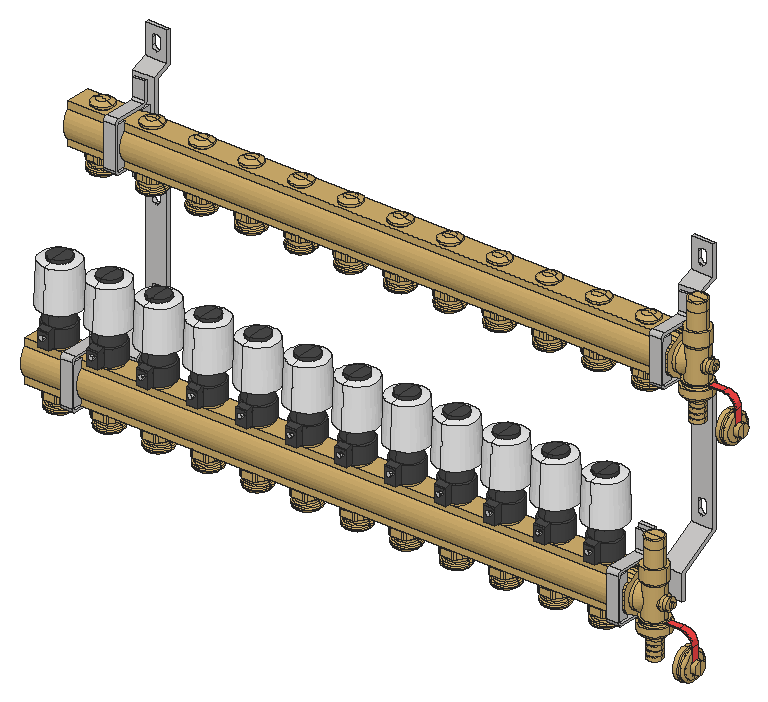
Revit family "1Manifold FHF_2-12_TWA-A_RFA", category Pipe Accessories, Revit 2019
Family settings
  Round Connector Dimension = Use Diameter
  Part Type = Normal
  OmniClass Number = 23.65.55.14.17
  OmniClass Title = Adjusting/Controlling Valves for Liquid Services
  Work Plane-Based = No
  Always vertical = Yes
  Cut with Voids When Loaded = No
  Shared = No
Parameters (values of type "Manifold FHF_12+12_088U0512")
  z [instance] = Offset Z + 1000 mm  # 1213 mm
  y [instance] = Offset Y + 500 mm  # 523 mm
  x [instance] = Offset X + 1000 mm  # 1025 mm
  Voltage = if(or(Actuator Type = [088H3106], Actuator Type = [088H3112], Actuator Type = [088H3113], Actuator Type = [088H3118], Actuator Type = [088H3119]), 230 V, 24 V)  # 230 V
  Power = 2 VA * Number of Circuits  # 24 VA
  Offset Z [instance] = 213 mm
  Offset Y [instance] = 23 mm
  W [instance] = 36 mm  # constant formula
  Valve Body Material = Danfoss Brass
  URL = "https://store.danfoss.com/en/Climate-Solutions-for-heating/Hydronic-floor-heating/Manifolds/c/4213?q=%3Arelevance%3Adanfoss_producttypehierarchydesc%3A7f65507e43627847eb51ca38d15da15d785c2e15&text="
  Pressure Drop [instance] = 0.0 Pa
  Offset X [instance] = 25 mm
  Number of Circuits = 12
  Model Type = "Manifold FHF_12+12"
  Model = "088U0512"
  Max Working Temperature = "90 °C"  # constant formula
  Max Operating Pressure = "10 bar"  # constant formula
  Max Differential Pressure = "0.6 bar"  # constant formula
  Manufacturer = "Danfoss"  # constant formula
  Manual airvent [instance] = not(Automatic airvent)  # yes
  Length = L1 - 11 mm  # 600 mm
  LOD 350 = not(LOD 200)  # yes
  LOD 200 = no
  L1 = 611 mm
  L bracket = Number of Circuits * 50 mm - 50 mm  # 550 mm
  L = Length + 70 mm  # 670 mm
  IfcExportType = "FHF"  # constant formula
  IfcExportAs = "IfcValveType"  # constant formula
  H2 = 38 mm  # constant formula
  H1 = 26.8 mm  # constant formula
  H [instance] = z - 1000 mm + H2 + H1  # 277.8 mm
  Flow 9 [instance] = 0.0 m³/h
  Flow 8 [instance] = 0.0 m³/h
  Flow 7 [instance] = 0.0 m³/h
  Flow 6 [instance] = 0.0 m³/h
  Flow 5 [instance] = 0.0 m³/h
  Flow 4 [instance] = 0.0 m³/h
  Flow 3 [instance] = 0.0 m³/h
  Flow 2 [instance] = 0.0 m³/h
  Flow 12 [instance] = 0.0 m³/h
  Flow 11 [instance] = 0.0 m³/h
  Flow 10 [instance] = 0.0 m³/h
  Flow 1 [instance] = 0.0 m³/h
  Flow [instance] = Flow 1 + Flow 2 + Flow 3 + Flow 4 + Flow 5 + Flow 6 + Flow 7 + Flow 8 + Flow 9 + Flow 10 + Flow 11 + Flow 12  # 0.0 m³/h
  End piece [instance] = if(Automatic airvent, [088U0785], [088U0786])  # _FHF-EA_EM : FHF-EM_088U0786
  Description = "Brass Manifold"  # constant formula
  D = 25 mm  # constant formula
  Automatic airvent [instance] = no
  Add bracket [instance] = yes
  Actuator Type = TWA-A_RFA : TWA-A_230V_NC_0.95m_088H3112
  088U0785 = _FHF-EA_EM : FHF-EA_088U0785
  088U0786 = _FHF-EA_EM : FHF-EM_088U0786
  088H3119 = TWA-A_RFA : TWA-A_230V_NC_10m_088H3119
  088H3118 = TWA-A_RFA : TWA-A_230V_NC_5m_088H3118
  088H3113 = TWA-A_RFA : TWA-A_230V_NO_0.95m_088H3113
  088H3112 = TWA-A_RFA : TWA-A_230V_NC_0.95m_088H3112
  088H3106 = TWA-A_RFA : TWA-A_230V_NC/S_0.95m_088H3106
Reference planes
  plane 1 "Center (Front/Back)": y = 0
  plane 2: z = 0
  plane 3 "Center (Left/Right)": x = 0
  plane 4 "tube2": through (-27.999, -48.497, 1200) normal (0.9272, -0.3746, 0)
  plane 5: x = 600
  plane 6: z = -213
  plane 7: x = -25
  plane 8: x = 611
  plane 9: x = 25
  plane 10 "bottom manifold": y = -23
  plane 11: x = 575
  plane 12: x = 586
  plane 13: x = 0
  plane 14: x = 670.5
  plane 15 "H1": z = 26.8
  plane 16: z = -251
  plane 17: x = 670
  plane 18: z = -251
  plane 19: y = -18
  plane 20: y = 18
  plane 21: z = -268
  plane 22: x = 1000
  plane 23: z = 1000
  plane 24: y = 500
  plane 25: x = 280.5
  plane 26: z = -171.8
  plane 27: x = 50
Forms (mm)
  Sweep 1, solid, material "Danfoss Brass" <- "Valve Body Material", visible <- "LOD 350", detail levels fine
    path origin (0, 0, 0) x (1, 0, 0) y (0, 0, 1)
      loop
        line (0, 0) -> (600, 0)
    profile origin (300, 0, 0) x (0, 0, 1) y (0, -1, 0)
      loop
        arc (-13.388, -12.476) -> (0, -18.3) -> (13.388, -12.476) r 18.3
        line (13.388, -12.476) -> (20.5, -12.476) -> (20.5, 12.476) -> (13.388, 12.476)
        arc (13.388, 12.476) -> (0, 18.3) -> (-13.388, 12.476) r 18.3
        line (-13.388, 12.476) -> (-20.5, 12.476) -> (-20.5, -12.476) -> (-13.388, -12.476)
  Sweep 2, solid, material "Danfoss Brass" <- "Valve Body Material", visible <- "LOD 350", detail levels fine
    path origin (-50, -23, 0) x (0, 0, 1) y (-1, 0, 0)
      loop
        line (-213, -25) -> (-213, -625)
    profile origin (275, -23, -213) x (0, 0, 1) y (0, -1, 0)
      loop
        arc (-13.388, -12.476) -> (0, -18.3) -> (13.388, -12.476) r 18.3
        line (13.388, -12.476) -> (20.5, -12.476) -> (20.5, 12.476) -> (13.388, 12.476)
        arc (13.388, 12.476) -> (0, 18.3) -> (-13.388, 12.476) r 18.3
        line (-13.388, 12.476) -> (-20.5, 12.476) -> (-20.5, -12.476) -> (-13.388, -12.476)
  Sweep 3, solid, material "Danfoss Brass" <- "Valve Body Material", visible <- "LOD 200", detail levels fine
    path origin (0, 0, 0) x (1, 0, 0) y (0, 0, 1)
      loop
        line (0, 0) -> (600, 0)
    profile origin (300, 0, 0) x (0, 0, 1) y (0, -1, 0)
      loop
        line (-20.5, -18.3) -> (20.5, -18.3) -> (20.5, 18.3) -> (-20.5, 18.3) -> (-20.5, -18.3)
  Sweep 4, solid, material "Danfoss Brass" <- "Valve Body Material", visible <- "LOD 200", detail levels fine
    path origin (-50, -23, 0) x (0, 0, 1) y (-1, 0, 0)
      loop
        line (-213, -25) -> (-213, -625)
    profile origin (275, -23, -213) x (0, 0, 1) y (0, -1, 0)
      loop
        line (-20.5, -18.3) -> (20.5, -18.3) -> (20.5, 18.3) -> (-20.5, 18.3) -> (-20.5, -18.3)
  Extrusion 5, solid, not visible
    sketch origin (0, 0, 0) x (0, 0, 1) y (-1, 0, 0)
      loop
        line (-202.647, -295.5) -> (-202.647, -265.5) -> (-222.647, -265.5) -> (-222.647, -295.5) -> (-202.647, -295.5)
    from 13 to 33
Dimensions and locks
  "L1": plane 8 to plane 3 "Center (Left/Right)"
  locked: plane 8 to plane 5 at 11
  locked: plane 9 to plane 3 "Center (Left/Right)" at 25
  equal spacing: group 1, group 2, group 5, group 7, group 8, group 11, group 12, group 13, group 14, group 15, group 16, group 23  (x3)
  locked: plane 12 to plane 11 at 11
  "L1": plane 12 to plane 7
  locked: plane 13 to plane 7 at 25
  locked: plane 14 to plane 5 at 70.5
  "H1": plane 15 "H1" to level
  "H2": plane 6 to plane 16
  "L": plane 17 to plane 3 "Center (Left/Right)"
  equal spacing: plane 19, plane 1 "Center (Front/Back)", plane 20
  "W": plane 19 to plane 20
  equal spacing: group 3, group 4, group 6, group 9, group 10, group 17, group 18, group 19, group 20, group 21, group 22, group 24  (x3)
  locked: nested 6 to nested 3 at 50
  locked: plane 5 to nested 5 at 10
  locked: plane 11 to nested 4 at 10
  "x": plane 22 to plane 7
  "z": plane 23 to plane 6
  "y": plane 10 "bottom manifold" to plane 24
  equal spacing: plane 12, plane 25, plane 7
  Extrusion 5 sketch curve to plane 25 to Extrusion 5 sketch curve = 15 mm locked, 15 mm locked
  Extrusion 5 sketch curve to plane 6 to Extrusion 5 sketch curve = 10.353 mm locked, 9.647 mm locked
  locked: Extrusion 5 to plane 10 "bottom manifold" at 10
  locked: plane 10 "bottom manifold" to Extrusion 5 at 10
  locked: plane 26 to plane 6 at 41.2
  equal spacing: group 25, group 26, group 27, group 28, group 29, group 30, group 31, group 32, group 33, group 34, group 35, group 36
  equal spacing: group 36, group 35, group 34, group 33, group 32, group 31, group 30, group 29, group 28, group 27, group 26, group 25  (x2)
  locked: plane 27 to plane 13 at 50
  aligned and locked: level to plane 2
  aligned and locked: plane 9 to nested 1
  aligned and locked: level to nested 1
  aligned and locked: plane 5 to Sweep 1 sketch curve
  aligned and locked: Sweep 1 sketch curve to level
  aligned and locked: plane 3 "Center (Left/Right)" to Sweep 1 sketch curve
  aligned and locked: level to nested 2
  aligned and locked: plane 10 "bottom manifold" to nested 3
  aligned and locked: plane 10 "bottom manifold" to nested 4
  aligned and locked: plane 1 "Center (Front/Back)" to nested 5
  aligned and locked: plane 6 to nested 4
  aligned and locked: level to nested 5
  aligned and locked: plane 6 to nested 3
  aligned and locked: plane 13 to nested 3
  aligned and locked: plane 6 to nested 6
  aligned and locked: plane 10 "bottom manifold" to nested 6
  aligned and locked: nested 29 to plane 26
  aligned and locked: nested 29 to plane 10 "bottom manifold"
  aligned and locked: plane 13 to nested 29
  aligned and locked: plane 27 to nested 30
  aligned and locked: nested 30 to plane 10 "bottom manifold"
  aligned and locked: nested 30 to plane 26
Automatic sketch dimensions
  Sweep 1 sketch curve to Sweep 1 sketch curve = 0 mm  (x2)
  Sweep 1 sketch curve to profile plane = 0 mm
  profile plane to Sweep 1 sketch curve = 13.388 mm  (x2)
  Sweep 1 sketch curve to Sweep 1 sketch curve = 7.112 mm  (x2)
  Sweep 1 sketch curve to profile plane = 13.388 mm  (x2)
  Sweep 1 sketch curve to profile plane = 12.476 mm
  Sweep 1 sketch curve to Sweep 1 sketch curve = 12.476 mm  (x2)
  Sweep 2 sketch curve to plane 6 = 0 mm
  Sweep 2 sketch curve to plane 11 = 0 mm
  Sweep 2 sketch curve to plane 7 = 0 mm
  Sweep 2 sketch curve to Sweep 2 sketch curve = 0 mm  (x2)
  plane 10 "bottom manifold" to Sweep 2 sketch curve = 12.476 mm
  profile plane to Sweep 2 sketch curve = 20.5 mm
  Sweep 2 sketch curve to Sweep 2 sketch curve = 7.112 mm  (x3)
  Sweep 2 sketch curve to Sweep 2 sketch curve = 13.388 mm  (x3)
  Sweep 2 sketch curve to Sweep 2 sketch curve = 12.476 mm  (x2)
  Sweep 3 sketch curve to level = 0 mm
  Sweep 3 sketch curve to plane 3 "Center (Left/Right)" = 0 mm
  Sweep 3 sketch curve to plane 5 = 0 mm
  profile plane to Sweep 3 sketch curve = 20.5 mm
  Sweep 3 sketch curve to profile plane = 20.5 mm
  Sweep 3 sketch curve to plane 1 "Center (Front/Back)" = 18.3 mm
  plane 1 "Center (Front/Back)" to Sweep 3 sketch curve = 18.3 mm
  Sweep 4 sketch curve to plane 6 = 0 mm
  Sweep 4 sketch curve to plane 11 = 0 mm
  Sweep 4 sketch curve to plane 7 = 0 mm
  profile plane to Sweep 4 sketch curve = 20.5 mm
  Sweep 4 sketch curve to profile plane = 20.5 mm
  Sweep 4 sketch curve to plane 10 "bottom manifold" = 18.3 mm
  plane 10 "bottom manifold" to Sweep 4 sketch curve = 18.3 mm
Nested families
  nested 1: "Shut-off valve_RFA" at (25, 0, 0), LOD 200 <- "LOD 200", type "Shut-off valve", detail levels fine
    with LOD 350 yes, LOD 200 no
  nested 2: "Shut-off valve_RFA" at (75, 0, 0), LOD 200 <- "LOD 200", type "Shut-off valve", detail levels fine
    with LOD 350 yes, LOD 200 no
  nested 3: "Thermostatic valve_RFA" at (0, -23, -213), LOD 200 <- "LOD 200", type "Thermostatic valve", detail levels fine
    with LOD 350 yes, LOD 200 no
  nested 4: "_FHF-EA_EM" at (565, -23, -213), type <- "End piece", LOD 200 <- "LOD 200", type "FHF-EM_088U0786", detail levels fine
    with LOD 350 yes, LOD 200 no, FHF-EM350 yes, FHF-EM200 no, FHF-EA350 no, FHF-EA200 no
  nested 5: "_FHF-EA_EM" at (590, 0, 0), type <- "End piece", LOD 200 <- "LOD 200", type "FHF-EM_088U0786", detail levels fine
    with LOD 350 yes, LOD 200 no, FHF-EM350 yes, FHF-EM200 no, FHF-EA350 no, FHF-EA200 no
  nested 6: "Thermostatic valve_RFA" at (50, -23, -213), LOD 200 <- "LOD 200", type "Thermostatic valve", detail levels fine
    with LOD 350 yes, LOD 200 no
  nested 7: "Shut-off valve_RFA" at (125, 0, 0), LOD 200 <- "LOD 200", type "Shut-off valve", detail levels fine
    with LOD 350 yes, LOD 200 no
  nested 8: "Thermostatic valve_RFA" at (100, -23, -213), LOD 200 <- "LOD 200", type "Thermostatic valve", detail levels fine
    with LOD 350 yes, LOD 200 no
  nested 9: "Shut-off valve_RFA" at (175, 0, 0), LOD 200 <- "LOD 200", type "Shut-off valve", detail levels fine
    with LOD 350 yes, LOD 200 no
  nested 10: "Shut-off valve_RFA" at (225, 0, 0), LOD 200 <- "LOD 200", type "Shut-off valve", detail levels fine
    with LOD 350 yes, LOD 200 no
  nested 11: "Thermostatic valve_RFA" at (150, -23, -213), LOD 200 <- "LOD 200", type "Thermostatic valve", detail levels fine
    with LOD 350 yes, LOD 200 no
  nested 12: "Thermostatic valve_RFA" at (200, -23, -213), LOD 200 <- "LOD 200", type "Thermostatic valve", detail levels fine
    with LOD 350 yes, LOD 200 no
  nested 13: "Shut-off valve_RFA" at (275, 0, 0), LOD 200 <- "LOD 200", type "Shut-off valve", detail levels fine
    with LOD 350 yes, LOD 200 no
  nested 14: "Shut-off valve_RFA" at (325, 0, 0), LOD 200 <- "LOD 200", type "Shut-off valve", detail levels fine
    with LOD 350 yes, LOD 200 no
  nested 15: "Shut-off valve_RFA" at (375, 0, 0), LOD 200 <- "LOD 200", type "Shut-off valve", detail levels fine
    with LOD 350 yes, LOD 200 no
  nested 16: "Shut-off valve_RFA" at (425, 0, 0), LOD 200 <- "LOD 200", type "Shut-off valve", detail levels fine
    with LOD 350 yes, LOD 200 no
  nested 17: "Shut-off valve_RFA" at (475, 0, 0), LOD 200 <- "LOD 200", type "Shut-off valve", detail levels fine
    with LOD 350 yes, LOD 200 no
  nested 18: "Shut-off valve_RFA" at (525, 0, 0), LOD 200 <- "LOD 200", type "Shut-off valve", detail levels fine
    with LOD 350 yes, LOD 200 no
  nested 19: "Thermostatic valve_RFA" at (250, -23, -213), LOD 200 <- "LOD 200", type "Thermostatic valve", detail levels fine
    with LOD 350 yes, LOD 200 no
  nested 20: "Thermostatic valve_RFA" at (300, -23, -213), LOD 200 <- "LOD 200", type "Thermostatic valve", detail levels fine
    with LOD 350 yes, LOD 200 no
  nested 21: "Thermostatic valve_RFA" at (350, -23, -213), LOD 200 <- "LOD 200", type "Thermostatic valve", detail levels fine
    with LOD 350 yes, LOD 200 no
  nested 22: "Thermostatic valve_RFA" at (400, -23, -213), LOD 200 <- "LOD 200", type "Thermostatic valve", detail levels fine
    with LOD 350 yes, LOD 200 no
  nested 23: "Thermostatic valve_RFA" at (450, -23, -213), LOD 200 <- "LOD 200", type "Thermostatic valve", detail levels fine
    with LOD 350 yes, LOD 200 no
  nested 24: "Thermostatic valve_RFA" at (500, -23, -213), LOD 200 <- "LOD 200", type "Thermostatic valve", detail levels fine
    with LOD 350 yes, LOD 200 no
  nested 25: "_FHF-MB_RFA" at (41.303, 0, 0), LOD 200 <- "LOD 200", visible <- "Add bracket", L <- "L bracket", type "FHF-MB_088U0585", detail levels fine
    with LOD 350 yes, LOD 200 no, L 550 mm
  nested 26: "Shut-off valve_RFA" at (575, 0, 0), LOD 200 <- "LOD 200", type "Shut-off valve", detail levels fine
    with LOD 350 yes, LOD 200 no
  nested 27: "Thermostatic valve_RFA" at (550, -23, -213), LOD 200 <- "LOD 200", type "Thermostatic valve", detail levels fine
    with LOD 350 yes, LOD 200 no
  nested 28: "FHF+Actuator Symbol" at (0, 0, 0), Number of Circuits <- "Number of Circuits", Offset X <- "Offset X", Offset Y <- "Offset Y", Offset Z <- "Offset Z", length <- "Length", type "FHF+Actuator Symbol", detail levels coarse+medium
    with z 1213 mm, y 523 mm, x 1025 mm, length 600 mm, Offset Z 213 mm, Offset Y 23 mm, Offset X 25 mm, Number of Circuits 12, L 650 mm
  nested 29: "TWA-A_RFA" at (0, -23, -189.2) x (0, 1, 0) z (0, 0, 1), LOD 200 <- "LOD 200", Voltage <- "Voltage", type <- "Actuator Type", type "TWA-A_230V_NC_0.95m_088H3112", detail levels fine
    with Voltage 230 V, Power 2 VA, LOD 350 yes, LOD 200 no
  nested 30: "TWA-A_RFA" at (50, -23, -189.2) x (0, 1, 0) z (0, 0, 1), LOD 200 <- "LOD 200", Voltage <- "Voltage", type <- "Actuator Type", type "TWA-A_230V_NC_0.95m_088H3112", detail levels fine
    with Voltage 230 V, Power 2 VA, LOD 350 yes, LOD 200 no
  nested 31: "TWA-A_RFA" at (100, -23, -189.2) x (0, 1, 0) z (0, 0, 1), LOD 200 <- "LOD 200", Voltage <- "Voltage", type <- "Actuator Type", type "TWA-A_230V_NC_0.95m_088H3112", detail levels fine
    with Voltage 230 V, Power 2 VA, LOD 350 yes, LOD 200 no
  nested 32: "TWA-A_RFA" at (150, -23, -189.2) x (0, 1, 0) z (0, 0, 1), LOD 200 <- "LOD 200", Voltage <- "Voltage", type <- "Actuator Type", type "TWA-A_230V_NC_0.95m_088H3112", detail levels fine
    with Voltage 230 V, Power 2 VA, LOD 350 yes, LOD 200 no
  nested 33: "TWA-A_RFA" at (200, -23, -189.2) x (0, 1, 0) z (0, 0, 1), LOD 200 <- "LOD 200", Voltage <- "Voltage", type <- "Actuator Type", type "TWA-A_230V_NC_0.95m_088H3112", detail levels fine
    with Voltage 230 V, Power 2 VA, LOD 350 yes, LOD 200 no
  nested 34: "TWA-A_RFA" at (250, -23, -189.2) x (0, 1, 0) z (0, 0, 1), LOD 200 <- "LOD 200", Voltage <- "Voltage", type <- "Actuator Type", type "TWA-A_230V_NC_0.95m_088H3112", detail levels fine
    with Voltage 230 V, Power 2 VA, LOD 350 yes, LOD 200 no
  nested 35: "TWA-A_RFA" at (300, -23, -189.2) x (0, 1, 0) z (0, 0, 1), LOD 200 <- "LOD 200", Voltage <- "Voltage", type <- "Actuator Type", type "TWA-A_230V_NC_0.95m_088H3112", detail levels fine
    with Voltage 230 V, Power 2 VA, LOD 350 yes, LOD 200 no
  nested 36: "TWA-A_RFA" at (350, -23, -189.2) x (0, 1, 0) z (0, 0, 1), LOD 200 <- "LOD 200", Voltage <- "Voltage", type <- "Actuator Type", type "TWA-A_230V_NC_0.95m_088H3112", detail levels fine
    with Voltage 230 V, Power 2 VA, LOD 350 yes, LOD 200 no
  nested 37: "TWA-A_RFA" at (400, -23, -189.2) x (0, 1, 0) z (0, 0, 1), LOD 200 <- "LOD 200", Voltage <- "Voltage", type <- "Actuator Type", type "TWA-A_230V_NC_0.95m_088H3112", detail levels fine
    with Voltage 230 V, Power 2 VA, LOD 350 yes, LOD 200 no
  nested 38: "TWA-A_RFA" at (450, -23, -189.2) x (0, 1, 0) z (0, 0, 1), LOD 200 <- "LOD 200", Voltage <- "Voltage", type <- "Actuator Type", type "TWA-A_230V_NC_0.95m_088H3112", detail levels fine
    with Voltage 230 V, Power 2 VA, LOD 350 yes, LOD 200 no
  nested 39: "TWA-A_RFA" at (500, -23, -189.2) x (0, 1, 0) z (0, 0, 1), LOD 200 <- "LOD 200", Voltage <- "Voltage", type <- "Actuator Type", type "TWA-A_230V_NC_0.95m_088H3112", detail levels fine
    with Voltage 230 V, Power 2 VA, LOD 350 yes, LOD 200 no
  nested 40: "TWA-A_RFA" at (550, -23, -189.2) x (0, 1, 0) z (0, 0, 1), LOD 200 <- "LOD 200", Voltage <- "Voltage", type <- "Actuator Type", type "TWA-A_230V_NC_0.95m_088H3112", detail levels fine
    with Voltage 230 V, Power 2 VA, LOD 350 yes, LOD 200 no
Connectors
  piping at (0, 0, 0), diameter 25, driven by "D", driven by "Flow"
    settings: on Sweep 1, index 35, connector inside diameter 609.6 mm, connector length 0 mm, flow factor 0, pipe flow 0.0 m³/h, pressure drop 0.0 Pa, fitting loss kfactor 0, connector angle 0.00°, fixture units 0, engagement length 0 mm, angle of deflection 0.00°, flow configuration 1, flow direction 1, fitting loss method 0, system type 7, joint type 0, gender type 0, connector reference index -1, connector utility 0, adjustable connector no, is connector primary yes, connector description "SupplyMain"
  piping at (-25, -23, -213), diameter 25, driven by "D", driven by "Flow"
    settings: on Sweep 2, index 59, connector inside diameter 609.6 mm, connector length 0 mm, flow factor 0, pipe flow 0.0 m³/h, pressure drop 0.0 Pa, fitting loss kfactor 0, connector angle 0.00°, fixture units 0, engagement length 0 mm, angle of deflection 0.00°, flow configuration 1, flow direction 2, fitting loss method 0, system type 8, joint type 0, gender type 0, connector reference index -1, connector utility 0, adjustable connector no, is connector primary no, connector description "ReturnMain"
  piping at (25, 0, -38), diameter 20, driven by "Flow 1"
    settings: on nested 1, index 60, connector inside diameter 609.6 mm, connector length 0 mm, flow factor 0, pipe flow 0.0 m³/h, pressure drop 0.0 Pa, fitting loss kfactor 0, connector angle 0.00°, fixture units 0, engagement length 0 mm, angle of deflection 0.00°, flow configuration 0, flow direction 2, fitting loss method 0, system type 7, joint type 0, gender type 0, connector reference index -1, connector utility 0, adjustable connector no, is connector primary no, connector description "Supply1"
  piping at (75, 0, -38), diameter 20, driven by "Flow 2"
    settings: on nested 2, index 61, connector inside diameter 609.6 mm, connector length 0 mm, flow factor 0, pipe flow 0.0 m³/h, pressure drop 0.0 Pa, fitting loss kfactor 0, connector angle 0.00°, fixture units 0, engagement length 0 mm, angle of deflection 0.00°, flow configuration 0, flow direction 2, fitting loss method 0, system type 7, joint type 0, gender type 0, connector reference index -1, connector utility 0, adjustable connector no, is connector primary no, connector description "Supply2"
  piping at (125, 0, -38), diameter 20, driven by "Flow 3"
    settings: on nested 7, index 62, connector inside diameter 609.6 mm, connector length 0 mm, flow factor 0, pipe flow 0.0 m³/h, pressure drop 0.0 Pa, fitting loss kfactor 0, connector angle 0.00°, fixture units 0, engagement length 0 mm, angle of deflection 0.00°, flow configuration 0, flow direction 2, fitting loss method 0, system type 7, joint type 0, gender type 0, connector reference index -1, connector utility 0, adjustable connector no, is connector primary no, connector description "Supply3"
  piping at (175, 0, -38), diameter 20, driven by "Flow 4"
    settings: on nested 9, index 63, connector inside diameter 609.6 mm, connector length 0 mm, flow factor 0, pipe flow 0.0 m³/h, pressure drop 0.0 Pa, fitting loss kfactor 0, connector angle 0.00°, fixture units 0, engagement length 0 mm, angle of deflection 0.00°, flow configuration 0, flow direction 2, fitting loss method 0, system type 7, joint type 0, gender type 0, connector reference index -1, connector utility 0, adjustable connector no, is connector primary no, connector description "Supply4"
  piping at (225, 0, -38), diameter 20, driven by "Flow 5"
    settings: on nested 10, index 64, connector inside diameter 609.6 mm, connector length 0 mm, flow factor 0, pipe flow 0.0 m³/h, pressure drop 0.0 Pa, fitting loss kfactor 0, connector angle 0.00°, fixture units 0, engagement length 0 mm, angle of deflection 0.00°, flow configuration 0, flow direction 2, fitting loss method 0, system type 7, joint type 0, gender type 0, connector reference index -1, connector utility 0, adjustable connector no, is connector primary no, connector description "Supply5"
  piping at (275, 0, -38), diameter 20, driven by "Flow 6"
    settings: on nested 13, index 65, connector inside diameter 609.6 mm, connector length 0 mm, flow factor 0, pipe flow 0.0 m³/h, pressure drop 0.0 Pa, fitting loss kfactor 0, connector angle 0.00°, fixture units 0, engagement length 0 mm, angle of deflection 0.00°, flow configuration 0, flow direction 2, fitting loss method 0, system type 7, joint type 0, gender type 0, connector reference index -1, connector utility 0, adjustable connector no, is connector primary no, connector description "Supply6"
  piping at (325, 0, -38), diameter 20, driven by "Flow 7"
    settings: on nested 14, index 66, connector inside diameter 609.6 mm, connector length 0 mm, flow factor 0, pipe flow 0.0 m³/h, pressure drop 0.0 Pa, fitting loss kfactor 0, connector angle 0.00°, fixture units 0, engagement length 0 mm, angle of deflection 0.00°, flow configuration 0, flow direction 2, fitting loss method 0, system type 7, joint type 0, gender type 0, connector reference index -1, connector utility 0, adjustable connector no, is connector primary no, connector description "Supply7"
  piping at (375, 0, -38), diameter 20, driven by "Flow 8"
    settings: on nested 15, index 67, connector inside diameter 609.6 mm, connector length 0 mm, flow factor 0, pipe flow 0.0 m³/h, pressure drop 0.0 Pa, fitting loss kfactor 0, connector angle 0.00°, fixture units 0, engagement length 0 mm, angle of deflection 0.00°, flow configuration 0, flow direction 2, fitting loss method 0, system type 7, joint type 0, gender type 0, connector reference index -1, connector utility 0, adjustable connector no, is connector primary no, connector description "Supply8"
  piping at (425, 0, -38), diameter 20, driven by "Flow 9"
    settings: on nested 16, index 69, connector inside diameter 609.6 mm, connector length 0 mm, flow factor 0, pipe flow 0.0 m³/h, pressure drop 0.0 Pa, fitting loss kfactor 0, connector angle 0.00°, fixture units 0, engagement length 0 mm, angle of deflection 0.00°, flow configuration 0, flow direction 2, fitting loss method 0, system type 7, joint type 0, gender type 0, connector reference index -1, connector utility 0, adjustable connector no, is connector primary no, connector description "Supply9"
  piping at (475, 0, -38), diameter 20, driven by "Flow 10"
    settings: on nested 17, index 70, connector inside diameter 609.6 mm, connector length 0 mm, flow factor 0, pipe flow 0.0 m³/h, pressure drop 0.0 Pa, fitting loss kfactor 0, connector angle 0.00°, fixture units 0, engagement length 0 mm, angle of deflection 0.00°, flow configuration 0, flow direction 2, fitting loss method 0, system type 7, joint type 0, gender type 0, connector reference index -1, connector utility 0, adjustable connector no, is connector primary no, connector description "Supply10"
  piping at (525, 0, -38), diameter 20, driven by "Flow 11"
    settings: on nested 18, index 71, connector inside diameter 609.6 mm, connector length 0 mm, flow factor 0, pipe flow 0.0 m³/h, pressure drop 0.0 Pa, fitting loss kfactor 0, connector angle 0.00°, fixture units 0, engagement length 0 mm, angle of deflection 0.00°, flow configuration 0, flow direction 2, fitting loss method 0, system type 7, joint type 0, gender type 0, connector reference index -1, connector utility 0, adjustable connector no, is connector primary no, connector description "Supply11"
  piping at (0, -23, -251.5), diameter 20, driven by "Flow 1"
    settings: on nested 3, index 73, connector inside diameter 609.6 mm, connector length 0 mm, flow factor 0, pipe flow 0.0 m³/h, pressure drop 0.0 Pa, fitting loss kfactor 0, connector angle 0.00°, fixture units 0, engagement length 0 mm, angle of deflection 0.00°, flow configuration 0, flow direction 1, fitting loss method 0, system type 8, joint type 0, gender type 0, connector reference index -1, connector utility 0, adjustable connector no, is connector primary no, connector description "Return1"
  piping at (50, -23, -251.5), diameter 20, driven by "Flow 2"
    settings: on nested 6, index 74, connector inside diameter 609.6 mm, connector length 0 mm, flow factor 0, pipe flow 0.0 m³/h, pressure drop 0.0 Pa, fitting loss kfactor 0, connector angle 0.00°, fixture units 0, engagement length 0 mm, angle of deflection 0.00°, flow configuration 0, flow direction 1, fitting loss method 0, system type 8, joint type 0, gender type 0, connector reference index -1, connector utility 0, adjustable connector no, is connector primary no, connector description "Return2"
  piping at (100, -23, -251.5), diameter 20, driven by "Flow 3"
    settings: on nested 8, index 75, connector inside diameter 609.6 mm, connector length 0 mm, flow factor 0, pipe flow 0.0 m³/h, pressure drop 0.0 Pa, fitting loss kfactor 0, connector angle 0.00°, fixture units 0, engagement length 0 mm, angle of deflection 0.00°, flow configuration 0, flow direction 1, fitting loss method 0, system type 8, joint type 0, gender type 0, connector reference index -1, connector utility 0, adjustable connector no, is connector primary no, connector description "Return3"
  piping at (150, -23, -251.5), diameter 20, driven by "Flow 4"
    settings: on nested 11, index 76, connector inside diameter 609.6 mm, connector length 0 mm, flow factor 0, pipe flow 0.0 m³/h, pressure drop 0.0 Pa, fitting loss kfactor 0, connector angle 0.00°, fixture units 0, engagement length 0 mm, angle of deflection 0.00°, flow configuration 0, flow direction 1, fitting loss method 0, system type 8, joint type 0, gender type 0, connector reference index -1, connector utility 0, adjustable connector no, is connector primary no, connector description "Return4"
  piping at (200, -23, -251.5), diameter 20, driven by "Flow 5"
    settings: on nested 12, index 77, connector inside diameter 609.6 mm, connector length 0 mm, flow factor 0, pipe flow 0.0 m³/h, pressure drop 0.0 Pa, fitting loss kfactor 0, connector angle 0.00°, fixture units 0, engagement length 0 mm, angle of deflection 0.00°, flow configuration 0, flow direction 1, fitting loss method 0, system type 8, joint type 0, gender type 0, connector reference index -1, connector utility 0, adjustable connector no, is connector primary no, connector description "Return5"
  piping at (250, -23, -251.5), diameter 20, driven by "Flow 6"
    settings: on nested 19, index 78, connector inside diameter 609.6 mm, connector length 0 mm, flow factor 0, pipe flow 0.0 m³/h, pressure drop 0.0 Pa, fitting loss kfactor 0, connector angle 0.00°, fixture units 0, engagement length 0 mm, angle of deflection 0.00°, flow configuration 0, flow direction 1, fitting loss method 0, system type 8, joint type 0, gender type 0, connector reference index -1, connector utility 0, adjustable connector no, is connector primary no, connector description "Return6"
  piping at (300, -23, -251.5), diameter 20, driven by "Flow 7"
    settings: on nested 20, index 79, connector inside diameter 609.6 mm, connector length 0 mm, flow factor 0, pipe flow 0.0 m³/h, pressure drop 0.0 Pa, fitting loss kfactor 0, connector angle 0.00°, fixture units 0, engagement length 0 mm, angle of deflection 0.00°, flow configuration 0, flow direction 1, fitting loss method 0, system type 8, joint type 0, gender type 0, connector reference index -1, connector utility 0, adjustable connector no, is connector primary no, connector description "Return7"
  piping at (350, -23, -251.5), diameter 20, driven by "Flow 8"
    settings: on nested 21, index 80, connector inside diameter 609.6 mm, connector length 0 mm, flow factor 0, pipe flow 0.0 m³/h, pressure drop 0.0 Pa, fitting loss kfactor 0, connector angle 0.00°, fixture units 0, engagement length 0 mm, angle of deflection 0.00°, flow configuration 0, flow direction 1, fitting loss method 0, system type 8, joint type 0, gender type 0, connector reference index -1, connector utility 0, adjustable connector no, is connector primary no, connector description "Return8"
  piping at (400, -23, -251.5), diameter 20, driven by "Flow 9"
    settings: on nested 22, index 81, connector inside diameter 609.6 mm, connector length 0 mm, flow factor 0, pipe flow 0.0 m³/h, pressure drop 0.0 Pa, fitting loss kfactor 0, connector angle 0.00°, fixture units 0, engagement length 0 mm, angle of deflection 0.00°, flow configuration 0, flow direction 1, fitting loss method 0, system type 8, joint type 0, gender type 0, connector reference index -1, connector utility 0, adjustable connector no, is connector primary no, connector description "Return9"
  piping at (450, -23, -251.5), diameter 20, driven by "Flow 10"
    settings: on nested 23, index 82, connector inside diameter 609.6 mm, connector length 0 mm, flow factor 0, pipe flow 0.0 m³/h, pressure drop 0.0 Pa, fitting loss kfactor 0, connector angle 0.00°, fixture units 0, engagement length 0 mm, angle of deflection 0.00°, flow configuration 0, flow direction 1, fitting loss method 0, system type 8, joint type 0, gender type 0, connector reference index -1, connector utility 0, adjustable connector no, is connector primary no, connector description "Return10"
  piping at (500, -23, -251.5), diameter 20, driven by "Flow 11"
    settings: on nested 24, index 83, connector inside diameter 609.6 mm, connector length 0 mm, flow factor 0, pipe flow 0.0 m³/h, pressure drop 0.0 Pa, fitting loss kfactor 0, connector angle 0.00°, fixture units 0, engagement length 0 mm, angle of deflection 0.00°, flow configuration 0, flow direction 1, fitting loss method 0, system type 8, joint type 0, gender type 0, connector reference index -1, connector utility 0, adjustable connector no, is connector primary no, connector description "Return11"
  piping at (575, 0, -38), diameter 20, driven by "Flow 12"
    settings: on nested 26, index 84, connector inside diameter 609.6 mm, connector length 0 mm, flow factor 0, pipe flow 0.0 m³/h, pressure drop 0.0 Pa, fitting loss kfactor 0, connector angle 0.00°, fixture units 0, engagement length 0 mm, angle of deflection 0.00°, flow configuration 0, flow direction 2, fitting loss method 0, system type 7, joint type 0, gender type 0, connector reference index -1, connector utility 0, adjustable connector no, is connector primary no, connector description "Supply12"
  piping at (550, -23, -251.5), diameter 20, driven by "Flow 12"
    settings: on nested 27, index 85, connector inside diameter 609.6 mm, connector length 0 mm, flow factor 0, pipe flow 0.0 m³/h, pressure drop 0.0 Pa, fitting loss kfactor 0, connector angle 0.00°, fixture units 0, engagement length 0 mm, angle of deflection 0.00°, flow configuration 0, flow direction 1, fitting loss method 0, system type 7, joint type 0, gender type 0, connector reference index -1, connector utility 0, adjustable connector no, is connector primary no, connector description "Return12"
  electrical at (280.5, -23, -202.647), driven by "Voltage", driven by "Power"
    settings: on Extrusion 5, index 86, voltage 230 V, apparent load 0 VA, apparent load phase1 24 VA, apparent load phase2 0 VA, apparent load phase3 0 VA, power factor 1, load classification "HVAC", number of poles 1, system type 31, power factor state 1, is connector primary yes, connector utility no, sub classification motor no, connector description ""
Definition of nested family "Shut-off valve_RFA"
  Parameters (values of type "Shut-off valve")
    W = 26 mm
    Valve Body Material = none
    LOD 350 [instance] = not(LOD 200)  # no
    LOD 200 [instance] = yes
    L = 28.004 mm
    IfcExportType = "SSM, FHF"  # constant formula
    IfcExportAs = "IfcValveType"  # constant formula
    H = 64.778 mm
  Reference planes
    plane 1 "Center (Front/Back)": y = 0
    plane 2: z = 0
    plane 3 "Center (Left/Right)": x = 0
    plane 4: z = 26.778
    plane 5: z = -38
    plane 6: x = -14.002
    plane 7: x = 14.002
    plane 8: y = -13
    plane 9: y = 13
  Forms (mm)
    Revolve 1, solid, material <- "Valve Body Material", visible <- "LOD 350"
      sketch origin (0, 0, 0) x (1, 0, 0) y (0, 0, 1)
        loop
          line (-5.493, 25.92) -> (-10.502, 23.407) -> (-10.502, 21.897) -> (-8.588, 21.201) -> (-8.588, 20.277) -> (-0.002, 20.277) -> (-0.002, 26.778) -> (-5.493, 25.92)
        axis (-0.002, 26.778) -> (-0.002, 20.277)
      angle from 0 to 360
    Revolve 2, solid, material <- "Valve Body Material", visible <- "LOD 350"
      sketch origin (0, 0, 0) x (1, 0, 0) y (0, 0, 1)
        loop
          line (-11.441, -26.439) -> (-11.002, -27.5) -> (-11.002, -30.852) -> (-11.844, -32.311) -> (-13.369, -33.169) -> (-11.682, -34.1) -> (-13.394, -34.965) -> (-11.771, -35.861) -> (-13.103, -36.619) -> (-11.722, -38) -> (0, -38) -> (0, -26) -> (-12.502, -26) -> (-11.441, -26.439)
        axis (0, -26) -> (0, -38)
      angle from 0 to 360
    Extrusion 3, solid, material <- "Valve Body Material", visible <- "LOD 350"
      sketch origin (0, 0, 0) x (1, 0, 0) y (0, 1, 0)
        loop
          line (-7.002, -12.124) -> (-5.249, -13) -> (-0.1, -13) -> (5.245, -13) -> (6.998, -12.124) -> (8.409, -11.192) -> (11.192, -8.409) -> (12.124, -6.998) -> (13, -5.245) -> (13, 0.1) -> (13, 5.249) -> (12.124, 7.002) -> (11.2, 8.401) -> (8.409, 11.192) -> (6.998, 12.124) -> (5.245, 13) -> (-0.1, 13) -> (-5.249, 13) -> (-7.002, 12.124) -> (-8.413, 11.192) -> (-11.192, 8.413) -> (-12.124, 7.002) -> (-13, 5.249) -> (-13, 0.1) -> (-13, -5.245) -> (-12.124, -6.998) -> (-11.184, -8.421) -> (-8.413, -11.192) -> (-7.002, -12.124)
      from -26 to -20
    Revolve 4, solid, material <- "Valve Body Material", visible <- "LOD 200"
      sketch origin (0, 0, 0) x (1, 0, 0) y (0, 0, 1)
        loop
          line (0, 26.778) -> (0, 20.277) -> (10.539, 20.277) -> (10.539, 23.448)
          arc (10.539, 23.448) -> (5.521, 25.909) -> (0, 26.778) r 18.698
        axis (0, 26.778) -> (0, 20.277)
      angle from 0 to 360
    Revolve 5, solid, material <- "Valve Body Material", visible <- "LOD 200"
      sketch origin (0, 0, 0) x (1, 0, 0) y (0, 0, 1)
        loop
          line (-0.1, -38) -> (-0.1, -20) -> (-13, -20) -> (-13, -38) -> (-0.1, -38)
        axis (-0.1, -20) -> (-0.1, -38)
      angle from 0 to 360
  Dimensions and locks
    "H": plane 4 to plane 5
    equal spacing: plane 7, plane 3 "Center (Left/Right)", plane 6
    "L": plane 7 to plane 6
    equal spacing: plane 8, plane 1 "Center (Front/Back)", plane 9
    "W": plane 8 to plane 9
    aligned and locked: level to plane 2
  Automatic sketch dimensions
    plane 4 to Revolve 1 sketch curve = 3.371 mm
    Revolve 1 sketch curve to plane 3 "Center (Left/Right)" = 10.502 mm
    Revolve 1 sketch curve to Revolve 1 sketch curve = 1.914 mm
    plane 4 to Revolve 1 sketch curve = 0.858 mm
    Revolve 1 sketch curve to plane 3 "Center (Left/Right)" = 5.493 mm
    plane 4 to Revolve 1 sketch curve = 0 mm
    Revolve 1 sketch curve to plane 3 "Center (Left/Right)" = 0.002 mm
    Revolve 1 sketch curve to Revolve 1 sketch curve = 1.509 mm
    Revolve 1 sketch curve to Revolve 1 sketch curve = 0.697 mm
    Revolve 1 sketch curve to Revolve 1 sketch curve = 6.501 mm
    Revolve 1 sketch curve to Revolve 1 sketch curve = 0 mm  (x3)
    Revolve 2 sketch curve to plane 5 = 0 mm  (x2)
    Revolve 2 sketch curve to plane 3 "Center (Left/Right)" = 0 mm  (x2)
    Revolve 2 sketch curve to plane 3 "Center (Left/Right)" = 11.002 mm
    Revolve 2 sketch curve to Revolve 2 sketch curve = 0.439 mm  (x2)
    Revolve 2 sketch curve to plane 5 = 3.9 mm
    Revolve 2 sketch curve to Revolve 2 sketch curve = 0.68 mm
    Revolve 2 sketch curve to Revolve 2 sketch curve = 0.04 mm
    Revolve 2 sketch curve to plane 5 = 2.139 mm
    Revolve 2 sketch curve to Revolve 2 sketch curve = 0.089 mm
    Revolve 2 sketch curve to plane 5 = 5.689 mm
    Revolve 2 sketch curve to Revolve 2 sketch curve = 0.842 mm
    Revolve 2 sketch curve to Revolve 2 sketch curve = 1.061 mm  (x2)
    Revolve 2 sketch curve to plane 5 = 1.381 mm
    Revolve 2 sketch curve to Revolve 2 sketch curve = 1.332 mm
    Revolve 2 sketch curve to plane 5 = 4.831 mm
    Revolve 2 sketch curve to Revolve 2 sketch curve = 1.525 mm
    Revolve 2 sketch curve to plane 5 = 3.035 mm
    Revolve 2 sketch curve to Revolve 2 sketch curve = 0.291 mm
    Revolve 2 sketch curve to Revolve 2 sketch curve = 1.459 mm
    Revolve 2 sketch curve to Revolve 2 sketch curve = 3.352 mm
    Revolve 2 sketch curve to Revolve 2 sketch curve = 0 mm
    plane 1 "Center (Front/Back)" to Extrusion 3 sketch curve = 5.245 mm  (x2)
    Extrusion 3 sketch curve to plane 3 "Center (Left/Right)" = 13 mm
    Extrusion 3 sketch curve to Extrusion 3 sketch curve = 0.876 mm  (x5)
    Extrusion 3 sketch curve to Extrusion 3 sketch curve = 0.933 mm  (x6)
    Extrusion 3 sketch curve to Extrusion 3 sketch curve = 0.941 mm
    Extrusion 3 sketch curve to Extrusion 3 sketch curve = 2.779 mm  (x2)
    Extrusion 3 sketch curve to Extrusion 3 sketch curve = 2.771 mm  (x2)
    Extrusion 3 sketch curve to Extrusion 3 sketch curve = 1.411 mm  (x6)
    Extrusion 3 sketch curve to Extrusion 3 sketch curve = 1.753 mm  (x8)
    Extrusion 3 sketch curve to plane 3 "Center (Left/Right)" = 0.1 mm  (x2)
    plane 3 "Center (Left/Right)" to Extrusion 3 sketch curve = 5.245 mm  (x2)
    Extrusion 3 sketch curve to Extrusion 3 sketch curve = 2.783 mm  (x2)
    Extrusion 3 sketch curve to Extrusion 3 sketch curve = 2.791 mm  (x2)
    Extrusion 3 sketch curve to Extrusion 3 sketch curve = 0.925 mm
    Extrusion 3 sketch curve to plane 1 "Center (Front/Back)" = 0.1 mm  (x2)
    Extrusion 3 sketch curve to Extrusion 3 sketch curve = 1.423 mm
    Extrusion 3 sketch curve to Extrusion 3 sketch curve = 5.149 mm  (x2)
    Extrusion 3 sketch curve to Extrusion 3 sketch curve = 1.399 mm
    Revolve 4 sketch curve to plane 3 "Center (Left/Right)" = 0 mm  (x2)
    Revolve 4 sketch curve to plane 4 = 0 mm  (x2)
    Revolve 4 sketch curve to plane 3 "Center (Left/Right)" = 0.112 mm
    Revolve 4 sketch curve to plane 7 = 3.463 mm
    plane 4 to Revolve 4 sketch curve = 6.501 mm
    level to Revolve 4 sketch curve = 8.08 mm
    Revolve 4 sketch curve to Revolve 4 sketch curve = 0 mm
    Revolve 5 sketch curve to plane 5 = 0 mm  (x2)
    plane 6 to Revolve 5 sketch curve = 1.002 mm
    Revolve 5 sketch curve to plane 3 "Center (Left/Right)" = 0.1 mm
    Revolve 5 sketch curve to plane 5 = 18 mm
    Revolve 5 sketch curve to Revolve 5 sketch curve = 0 mm  (x2)
Definition of nested family "Thermostatic valve_RFA"
  Parameters (values of type "Thermostatic valve")
    W = 26 mm
    Valve Body Material = none
    Manufacturer = "Danfoss"  # constant formula
    LOD 350 [instance] = not(LOD 200)  # yes
    LOD 200 [instance] = no
    L = 28.004 mm
    IfcExportType = "SSM, FHF"  # constant formula
    IfcExportAs = "IfcValveType"  # constant formula
    H = 93 mm
  Reference planes
    plane 1 "Center (Front/Back)": y = 0
    plane 2: z = 0
    plane 3 "Center (Left/Right)": x = 0
    plane 4: z = -38.5
    plane 5: x = -14.002
    plane 6: x = 14.002
    plane 7: y = -13
    plane 8: y = 13
    plane 9: z = 54.5
  Forms (mm)
    Revolve 1, solid, material <- "Valve Body Material", visible <- "LOD 350"
      sketch origin (0, 0, 0) x (1, 0, 0) y (0, 0, 1)
        loop
          line (0, 20.003) -> (0, 36.9) -> (-9.946, 36.9) -> (-9.946, 35.076) -> (-8.2, 33.33) -> (-8.2, 30.4) -> (-11.484, 30.4) -> (-11.484, 23.8) -> (-12.598, 23.8) -> (-12.598, 20.003) -> (0, 20.003)
        axis (0, 36.9) -> (0, 20.003)
      angle from 0 to 360
    Revolve 2, solid, material <- "Valve Body Material", visible <- "LOD 350"
      sketch origin (0, 0, 0) x (1, 0, 0) y (0, 0, 1)
        loop
          line (-11.002, -31.352) -> (-11.844, -32.811) -> (-13.369, -33.669) -> (-11.682, -34.6) -> (-13.394, -35.465) -> (-11.771, -36.361) -> (-13.103, -37.119) -> (-11.722, -38.5) -> (0, -38.5) -> (0, -27.5) -> (-12.504, -27.5)
          arc (-12.504, -27.5) -> (-11.442, -27.94) -> (-11.002, -29.002) r 1.502
          line (-11.002, -29.002) -> (-11.002, -31.352)
        axis (0, -27.5) -> (0, -38.5)
      angle from 0 to 360
    Extrusion 3, solid, material <- "Valve Body Material", visible <- "LOD 350"
      sketch origin (0, 0, 0) x (1, 0, 0) y (0, 1, 0)
        loop
          line (7.252, -12.557) -> (9.021, -11.378) -> (11.812, -6.545) -> (14.193, -2.42) -> (14.193, 2.42) -> (11.812, 6.545) -> (9.021, 11.378) -> (7.252, 12.557) -> (5.579, 13.385) -> (-5.579, 13.385) -> (-7.252, 12.557) -> (-9.021, 11.378) -> (-11.812, 6.545) -> (-14.193, 2.42) -> (-14.193, -2.42) -> (-11.812, -6.545) -> (-9.021, -11.378) -> (-7.252, -12.557) -> (-5.579, -13.385) -> (5.579, -13.385) -> (7.252, -12.557)
      from -27.5 to -20.5
    Revolve 4, solid, material <- "Valve Body Material", visible <- "LOD 200"
      sketch origin (0, 0, 0) x (1, 0, 0) y (0, 0, 1)
        loop
          line (0, 20.277) -> (12.78, 20.277) -> (12.78, 36.9) -> (0, 36.9) -> (0, 20.277)
        axis (0, 36.9) -> (0, 20.277)
      angle from 0 to 360
    Revolve 5, solid, material <- "Valve Body Material", visible <- "LOD 200"
      sketch origin (0, 0, 0) x (1, 0, 0) y (0, 0, 1)
        loop
          line (-0.1, -38.5) -> (-0.1, -20.5) -> (-13, -20.5) -> (-13, -38.5) -> (-0.1, -38.5)
        axis (-0.1, -20.5) -> (-0.1, -38.5)
      angle from 0 to 360
    Revolve 6, solid, material <- "Valve Body Material", visible <- "LOD 350"
      sketch origin (0, 0, 0) x (1, 0, 0) y (0, 0, 1)
        loop
          line (0, 50.7) -> (0, 54.302) -> (-1.003, 54.302) -> (-1.003, 50.7) -> (0, 50.7)
        axis (0, 54.302) -> (0, 50.7)
      angle from 0 to 360
    Extrusion 7, solid, material <- "Valve Body Material", visible <- "LOD 350"
      sketch origin (0, 0, 0) x (1, 0, 0) y (0, 1, 0)
        loop
          line (5.002, 2.887) -> (0.002, 5.774) -> (-4.998, 2.887) -> (-4.998, -2.887) -> (0.002, -5.774) -> (5.002, -2.887) -> (5.002, 2.887)
      from 46.7 to 50.7
    Revolve 8, solid, visible <- "LOD 200"
      sketch origin (0, 0, 0) x (1, 0, 0) y (0, 0, 1)
        loop
          line (0, 36.9) -> (8.896, 36.9) -> (8.896, 46.7) -> (0, 46.7) -> (0, 36.9)
        axis (0, 46.7) -> (0, 36.9)
      angle from 0 to 360
    Revolve 9, solid, material <- "Valve Body Material", visible <- "LOD 200"
      sketch origin (0, 0, 0) x (1, 0, 0) y (0, 0, 1)
        loop
          line (0, 54.3) -> (0, 46.7) -> (5, 46.7) -> (5, 54.3) -> (0, 54.3)
        axis (0, 46.7) -> (0, 54.3)
      angle from 0 to 360
    Revolve 10, solid, visible <- "LOD 350"
      sketch origin (0, 0, 0) x (1, 0, 0) y (0, 0, 1)
        loop
          line (0, 36.9) -> (9.285, 36.9) -> (9.217, 46.7) -> (0, 46.7) -> (0, 36.9)
        axis (0, 46.7) -> (0, 36.9)
      angle from 0 to 360
  Dimensions and locks
    equal spacing: plane 6, plane 3 "Center (Left/Right)", plane 5
    "L": plane 6 to plane 5
    equal spacing: plane 7, plane 1 "Center (Front/Back)", plane 8
    "W": plane 7 to plane 8
    "H": plane 9 to plane 4
    aligned and locked: level to plane 2
  Automatic sketch dimensions
    Revolve 5 sketch curve to plane 4 = 0 mm  (x2)
    plane 5 to Revolve 5 sketch curve = 1.002 mm
    Revolve 5 sketch curve to plane 3 "Center (Left/Right)" = 0.1 mm
    Revolve 5 sketch curve to plane 4 = 18 mm
    Revolve 5 sketch curve to Revolve 5 sketch curve = 0 mm  (x2)
    Revolve 2 sketch curve to plane 4 = 0 mm  (x2)
    Revolve 2 sketch curve to plane 3 "Center (Left/Right)" = 0 mm  (x2)
    plane 5 to Revolve 2 sketch curve = 3 mm
    plane 5 to Revolve 2 sketch curve = 2.32 mm
    plane 5 to Revolve 2 sketch curve = 2.28 mm
    Revolve 2 sketch curve to Revolve 2 sketch curve = 0.089 mm
    Revolve 2 sketch curve to Revolve 2 sketch curve = 0.842 mm
    plane 5 to Revolve 2 sketch curve = 1.498 mm
    plane 5 to Revolve 2 sketch curve = 0.899 mm
    plane 5 to Revolve 2 sketch curve = 0.633 mm
    plane 5 to Revolve 2 sketch curve = 0.608 mm
    Revolve 2 sketch curve to plane 4 = 1.381 mm
    Revolve 2 sketch curve to Revolve 2 sketch curve = 0.759 mm
    Revolve 2 sketch curve to Revolve 2 sketch curve = 1.654 mm
    Revolve 2 sketch curve to Revolve 2 sketch curve = 1.761 mm
    Revolve 2 sketch curve to Revolve 2 sketch curve = 1.796 mm
    Revolve 2 sketch curve to Revolve 2 sketch curve = 0.858 mm
    Revolve 2 sketch curve to Revolve 2 sketch curve = 1.459 mm
    Revolve 2 sketch curve to Revolve 2 sketch curve = 2.35 mm
    Revolve 2 sketch curve to Revolve 2 sketch curve = 11 mm
    Revolve 2 sketch curve to Revolve 2 sketch curve = 0 mm
    Extrusion 3 sketch curve to plane 5 = 0.191 mm
    Extrusion 3 sketch curve to plane 7 = 1.622 mm  (x2)
    plane 5 to Extrusion 3 sketch curve = 4.981 mm  (x2)
    plane 8 to Extrusion 3 sketch curve = 1.622 mm  (x2)
    Extrusion 3 sketch curve to plane 7 = 0.443 mm  (x2)
    Extrusion 3 sketch curve to Extrusion 3 sketch curve = 1.77 mm  (x4)
    plane 8 to Extrusion 3 sketch curve = 0.443 mm  (x2)
    Extrusion 3 sketch curve to plane 8 = 0.385 mm
    Extrusion 3 sketch curve to Extrusion 3 sketch curve = 1.673 mm  (x4)
    plane 7 to Extrusion 3 sketch curve = 0.385 mm
    plane 3 "Center (Left/Right)" to Extrusion 3 sketch curve = 5.579 mm  (x2)
    plane 1 "Center (Front/Back)" to Extrusion 3 sketch curve = 2.42 mm  (x2)
    Extrusion 3 sketch curve to plane 1 "Center (Front/Back)" = 2.42 mm  (x2)
    plane 5 to Extrusion 3 sketch curve = 2.19 mm  (x2)
    Extrusion 3 sketch curve to Extrusion 3 sketch curve = 0 mm  (x8)
    Extrusion 3 sketch curve to plane 6 = 2.19 mm  (x2)
    plane 6 to Extrusion 3 sketch curve = 0.191 mm
    Extrusion 3 sketch curve to Extrusion 3 sketch curve = 4.833 mm
    Extrusion 3 sketch curve to Extrusion 3 sketch curve = 4.125 mm  (x3)
    Revolve 6 sketch curve to plane 3 "Center (Left/Right)" = 0 mm  (x2)
    Revolve 6 sketch curve to plane 3 "Center (Left/Right)" = 1.003 mm
    Revolve 6 sketch curve to Revolve 6 sketch curve = 3.602 mm
    Revolve 6 sketch curve to Revolve 6 sketch curve = 0 mm  (x2)
    Extrusion 7 sketch curve to plane 3 "Center (Left/Right)" = 4.998 mm
    plane 3 "Center (Left/Right)" to Extrusion 7 sketch curve = 0.002 mm  (x2)
    plane 3 "Center (Left/Right)" to Extrusion 7 sketch curve = 5.002 mm
    plane 1 "Center (Front/Back)" to Extrusion 7 sketch curve = 5.774 mm
    plane 1 "Center (Front/Back)" to Extrusion 7 sketch curve = 2.887 mm  (x2)
    Extrusion 7 sketch curve to plane 1 "Center (Front/Back)" = 2.887 mm  (x2)
    Extrusion 7 sketch curve to Extrusion 7 sketch curve = 2.887 mm
    level to Revolve 6 sketch curve = 50.7 mm
    Revolve 8 sketch curve to plane 3 "Center (Left/Right)" = 0 mm  (x2)
    Revolve 8 sketch curve to plane 6 = 5.106 mm
    plane 9 to Revolve 8 sketch curve = 7.8 mm
    Revolve 8 sketch curve to Revolve 8 sketch curve = 9.8 mm
    Revolve 8 sketch curve to Revolve 8 sketch curve = 0 mm
    Revolve 8 sketch curve to Revolve 8 sketch curve = 3.4 mm
    Revolve 1 sketch curve to plane 3 "Center (Left/Right)" = 0 mm  (x2)
    plane 5 to Revolve 1 sketch curve = 5.802 mm
    Revolve 1 sketch curve to Revolve 1 sketch curve = 1.746 mm  (x2)
    plane 5 to Revolve 1 sketch curve = 1.404 mm
    level to Revolve 1 sketch curve = 20.003 mm
    Revolve 1 sketch curve to Revolve 1 sketch curve = 3.797 mm
    Revolve 1 sketch curve to Revolve 1 sketch curve = 2.93 mm
    Revolve 1 sketch curve to Revolve 1 sketch curve = 0 mm  (x2)
    Revolve 1 sketch curve to Revolve 1 sketch curve = 1.824 mm
    Revolve 10 sketch curve to plane 3 "Center (Left/Right)" = 0 mm  (x2)
    Revolve 10 sketch curve to plane 6 = 4.785 mm
    Revolve 10 sketch curve to plane 6 = 4.717 mm
    plane 9 to Revolve 10 sketch curve = 17.6 mm
    Revolve 10 sketch curve to Revolve 10 sketch curve = 9.8 mm
    Revolve 10 sketch curve to Revolve 10 sketch curve = 0 mm
    Revolve 10 sketch curve to Revolve 10 sketch curve = 3.4 mm
    Revolve 9 sketch curve to plane 3 "Center (Left/Right)" = 0 mm  (x2)
    plane 9 to Revolve 9 sketch curve = 0.2 mm
    Revolve 9 sketch curve to Revolve 9 sketch curve = 5 mm
    Revolve 9 sketch curve to Revolve 9 sketch curve = 7.6 mm
    Revolve 9 sketch curve to Revolve 9 sketch curve = 0 mm  (x2)
    Revolve 4 sketch curve to plane 3 "Center (Left/Right)" = 0 mm  (x2)
    Revolve 4 sketch curve to plane 6 = 1.223 mm
    level to Revolve 4 sketch curve = 20.277 mm
    Revolve 4 sketch curve to Revolve 4 sketch curve = 16.623 mm
    Revolve 4 sketch curve to Revolve 4 sketch curve = 0 mm  (x2)
    Revolve 1 sketch curve to Revolve 1 sketch curve = 6.6 mm
    Revolve 1 sketch curve to Revolve 1 sketch curve = 1.114 mm
Definition of nested family "_FHF-EA_EM"
  Parameters (values of type "FHF-EM_088U0786")
    W = 36 mm
    Valve Body Material = none
    URL = ""
    Type Comments = ""
    Model Type = "FHF-EM"
    Model = "088U0786"
    Manufacturer = "Danfoss"  # constant formula
    LOD 350 [instance] = not(LOD 200)  # yes
    LOD 200 [instance] = no
    L = 80.487 mm
    IfcExportType = "FHF-EM"
    IfcExportAs = "IfcValveType"  # constant formula
    H2 = 53.8 mm
    H1 = 75.7 mm
    H = H1 + H2  # 129.5 mm
    FHF-EM350 [instance] = if(and([FHF-EM], LOD 350), 1 = 1, 0 = 1)  # yes
    FHF-EM200 [instance] = if(and([FHF-EM], LOD 200), 1 = 1, 0 = 1)  # no
    FHF-EM = yes
    FHF-EA350 [instance] = if(and([FHF-EA], LOD 350), 1 = 1, 0 = 1)  # no
    FHF-EA200 [instance] = if(and([FHF-EA], LOD 200), 1 = 1, 0 = 1)  # no
    FHF-EA = no
    Description = "Accessories for Manifolds"  # constant formula
  Types (2, lengths in mm): name | Model Type | Model | IfcExportType | FHF-EM350 | FHF-EM | FHF-EA350 | FHF-EA
    FHF-EM_088U0786 | "FHF-EM" | "088U0786" | "FHF-EM" | yes | yes | no | no
    FHF-EA_088U0785 | "FHF-EA" | "088U0785" | "FHF-EA" | no | no | yes | yes
  Reference planes
    plane 1 "Center (Front/Back)": y = 0
    plane 2: z = 0
    plane 3 "Center (Left/Right)": x = 0
    plane 4: y = -13
    plane 5: y = 13
    plane 6: x = 80.487
    plane 7: z = -53.8
    plane 8: z = 75.7
    plane 9: y = -18
    plane 10: y = 18
  Forms (mm)
    Revolve 1, solid, material <- "Valve Body Material", visible <- "FHF-EA350"
      sketch origin (0, 0, 0) x (1, 0, 0) y (0, 0, 1)
        loop
          line (0, 15.017) -> (0, 0) -> (11.487, 0) -> (11.487, 16.552) -> (10.034, 16.552) -> (7.976, 14.494) -> (7.24, 16.552) -> (1.535, 16.552) -> (0, 15.017)
        axis (0, 0) -> (11.487, 0)
      angle from 0 to 360
    Extrusion 2, solid, material <- "Valve Body Material", visible <- "FHF-EA350"
      sketch origin (0, 0, 0) x (0, 1, 0) y (0, 0, 1)
        loop
          line (-2.669, 19.821) -> (-5.971, 17.914) -> (-9.25, 16.021) -> (-12.529, 14.128) -> (-15.831, 12.222) -> (-17.321, 10) -> (-18.5, 7.599) -> (-18.5, 3.786) -> (-18.5, 0) -> (-18.5, -3.786) -> (-18.5, -7.599) -> (-17.95, -8.819) -> (-17.321, -10) -> (-16.613, -11.136) -> (-15.831, -12.222) -> (-12.529, -14.129) -> (-9.25, -16.021) -> (-5.971, -17.915) -> (-2.669, -19.821) -> (0, -20) -> (2.669, -19.821) -> (5.971, -17.915) -> (9.25, -16.021) -> (12.529, -14.129) -> (15.831, -12.222) -> (16.613, -11.136) -> (17.321, -10) -> (17.95, -8.819) -> (18.5, -7.599) -> (18.5, -3.786) -> (18.5, 0) -> (18.5, 3.786) -> (18.5, 7.599) -> (17.321, 10) -> (15.831, 12.222) -> (12.529, 14.128) -> (9.25, 16.021) -> (5.971, 17.914) -> (2.669, 19.821) -> (0, 20) -> (-2.669, 19.821)
      from 11.487 to 19.487
    Revolve 3, solid, material <- "Valve Body Material", visible <- "FHF-EA350"
      sketch origin (0, 0, 0) x (1, 0, 0) y (0, 0, 1)
        loop
          line (34.487, -53.8) -> (34.487, 75.7) -> (20.556, 75.7) -> (19.056, 74.2) -> (19.056, 65.662) -> (15.987, 63.7) -> (15.987, 58.62) -> (16.456, 57.7) -> (17.958, 57.7) -> (19.056, 57.188) -> (19.056, 31.226) -> (22.284, 31.226) -> (22.284, 17.96) -> (23.815, 15.773) -> (23.815, -16.3) -> (20.987, -16.3) -> (20.987, -17.3) -> (23.632, -17.3) -> (23.632, -18.82) -> (22.157, -20.295) -> (19.515, -20.295) -> (19.515, -27.281) -> (22.534, -30.3) -> (26.842, -30.3) -> (27.094, -35.103) -> (27.482, -38.797) -> (27.272, -39.877) -> (27.48, -43.835) -> (27.281, -44.86) -> (27.488, -48.827) -> (27.176, -49.734) -> (27.176, -53.35) -> (28.237, -53.8) -> (34.487, -53.8)
        axis (34.487, -53.8) -> (34.487, 75.7)
      angle from 0 to 360
    Revolve 4, solid, material <- "Valve Body Material", visible <- "FHF-EA350"
      sketch origin (0, 0, 0) x (1, 0, 0) y (0, 0, 1)
        loop
          line (64.487, -47.3) -> (80.487, -47.3) -> (80.487, -41.136) -> (74.487, -41.136) -> (74.487, -35.323)
          arc (74.487, -35.323) -> (73.748, -33.54) -> (71.965, -32.801) r 2.522
          line (71.965, -32.801) -> (69.494, -32.801)
          arc (69.494, -32.801) -> (69.286, -32.385) -> (68.829, -32.3) r 0.522
          line (68.829, -32.3) -> (64.487, -32.3) -> (64.487, -47.3)
        axis (80.487, -47.3) -> (64.487, -47.3)
      angle from 0 to 360
    Sweep 5, solid, visible <- "FHF-EA"
      path origin (0, 0, 0) x (1, 0, 0) y (0, 0, 1)
        loop
          line (45.159, -16.3) -> (62.487, -16.3)
          arc (62.487, -16.3) -> (71.656, -20.098) -> (75.455, -29.268) r 12.968
          line (75.455, -29.268) -> (75.455, -54.268)
      profile origin (53.823, 0, -16.3) x (0, 0, 1) y (0, -1, 0)
        loop
          line (-0.007, 3.534) -> (-1.008, 3.534) -> (-1.008, -3.534) -> (-0.008, -3.534) -> (-0.007, 3.534)
    Revolve 6, solid, material <- "Valve Body Material", visible <- "FHF-EA350"
      sketch origin (0, 0, 0) x (1, 0, 0) y (0, 0, 1)
        loop
          line (20.056, 69.25) -> (20.056, 75.2) -> (16.149, 75.2) -> (16.149, 73.854) -> (15.326, 73.854) -> (15.326, 75.761) -> (6.174, 75.761) -> (6.174, 69.25) -> (20.056, 69.25)
        axis (20.056, 69.25) -> (6.174, 69.25)
      angle from 0 to 360
    Revolve 7, solid, material <- "Valve Body Material", visible <- "FHF-EA350"
      sketch origin (0, 0, 0) x (1, 0, 0) y (0, 0, 1)
        loop
          line (53.596, 0) -> (53.596, 2.5) -> (50.687, 2.5) -> (50.687, 6) -> (46.587, 6) -> (45.057, 7.53) -> (33.415, 7.53) -> (23.598, 14.662) -> (19.487, 14.662) -> (19.487, 0) -> (53.596, 0)
        axis (19.487, 0) -> (53.596, 0)
      angle from 0 to 360
    Revolve 8, solid, material <- "Valve Body Material", visible <- "FHF-EM350"
      sketch origin (0, 0, 0) x (1, 0, 0) y (0, 0, 1)
        loop
          line (0, 15.017) -> (0, 0) -> (11.487, 0) -> (11.487, 16.552) -> (10.034, 16.552) -> (7.976, 14.494) -> (7.24, 16.552) -> (1.535, 16.552) -> (0, 15.017)
        axis (0, 0) -> (11.487, 0)
      angle from 0 to 360
    Extrusion 9, solid, material <- "Valve Body Material", visible <- "FHF-EM350"
      sketch origin (0, 0, 0) x (0, 1, 0) y (0, 0, 1)
        loop
          line (-2.669, 19.821) -> (-5.971, 17.914) -> (-9.25, 16.021) -> (-12.529, 14.128) -> (-15.831, 12.222) -> (-17.321, 10) -> (-18.5, 7.599) -> (-18.5, 3.786) -> (-18.5, 0) -> (-18.5, -3.786) -> (-18.5, -7.599) -> (-17.95, -8.819) -> (-17.321, -10) -> (-16.613, -11.136) -> (-15.831, -12.222) -> (-12.529, -14.129) -> (-9.25, -16.021) -> (-5.971, -17.915) -> (-2.669, -19.821) -> (0, -20) -> (2.669, -19.821) -> (5.971, -17.915) -> (9.25, -16.021) -> (12.529, -14.129) -> (15.831, -12.222) -> (16.613, -11.136) -> (17.321, -10) -> (17.95, -8.819) -> (18.5, -7.599) -> (18.5, -3.786) -> (18.5, 0) -> (18.5, 3.786) -> (18.5, 7.599) -> (17.321, 10) -> (15.831, 12.222) -> (12.529, 14.128) -> (9.25, 16.021) -> (5.971, 17.914) -> (2.669, 19.821) -> (0, 20) -> (-2.669, 19.821)
      from 11.487 to 19.487
    Revolve 10, solid, material <- "Valve Body Material", visible <- "FHF-EM350"
      sketch origin (0, 0, 0) x (1, 0, 0) y (0, 0, 1)
        loop
          line (64.487, -47.3) -> (80.487, -47.3) -> (80.487, -41.136) -> (74.487, -41.136) -> (74.487, -35.323)
          arc (74.487, -35.323) -> (73.748, -33.54) -> (71.965, -32.801) r 2.522
          line (71.965, -32.801) -> (69.494, -32.801)
          arc (69.494, -32.801) -> (69.286, -32.385) -> (68.829, -32.3) r 0.522
          line (68.829, -32.3) -> (64.487, -32.3) -> (64.487, -47.3)
        axis (80.487, -47.3) -> (64.487, -47.3)
      angle from 0 to 360
    Revolve 11, solid, material <- "Valve Body Material", visible <- "FHF-EM350"
      sketch origin (0, 0, 0) x (1, 0, 0) y (0, 0, 1)
        loop
          line (53.596, 0) -> (53.596, 2.5) -> (50.687, 2.5) -> (50.687, 6) -> (46.587, 6) -> (45.057, 7.53) -> (33.415, 7.53) -> (23.598, 14.662) -> (19.487, 14.662) -> (19.487, 0) -> (53.596, 0)
        axis (19.487, 0) -> (53.596, 0)
      angle from 0 to 360
    Revolve 12, solid, material <- "Valve Body Material", visible <- "FHF-EA200"
      sketch origin (0, 0, 0) x (1, 0, 0) y (0, 0, 1)
        loop
          line (0, 0) -> (34.041, 0)
          arc (34.041, 0) -> (30.207, 11.138) -> (19.487, 16.021) r 14.916
          line (19.487, 16.021) -> (0, 16.021) -> (0, 0)
        axis (0, 0) -> (34.041, 0)
      angle from 0 to 360
